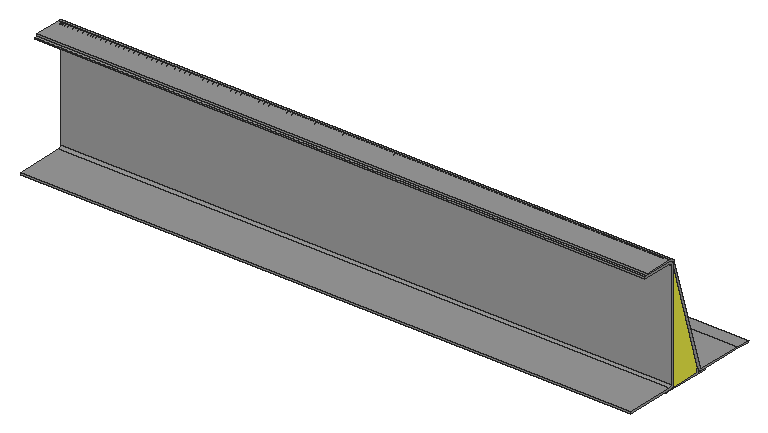
Revit family "CFS K 70 WOL", category Generic Models, Revit 2014
Parameters (values of type "Max lintel length 4800mm")
  URL = "http://www.keystonelintels.co.uk"
  Structural Opening [instance] = 900 mm
  Structural Performance = "The Keystone lintel range has safe working loads as detailed in each applicable loading table in the Keystone Lintel Guide brochure. The structural performance figures within each table have been ascertained by testing in accordance with the requirements of standards BS EN 5977-2: 1983 and BS EN 845-2: 2003."
  RIBA Productor Selector = "available for Keystone Lintels Ltd from Keystone Lintels Ltd from ribaproductselector.com"
  Model = "CFS/K 70 WOL"
  Min Length = 600 mm
  Min Clear Span = 300 mm
  Max Length = 4800 mm
  Max Clear Span = 4800 mm
  Material - Stainless Steel = "Grade 304 2b 1.4307 to BS EN 10088-2. Other grades available on request: contact manufacturer."
  Material - Galvanised Steel = "To BS EN 10346: 2009. DX51D plus Z600 or grade Z275 to BS 5977-2: 1983 (BS EN 845-2: 2003)."
  Manufacturer = "Keystone"
  Manufactured Length [instance] = (roundup(Effective Length / 150 mm) * 150 mm)  # 1200 mm
  Lintel height [instance] = 2100 mm
  Keynote = "F30/755"
  Fire Performance = "Keystone lintels have been subjected to a fire test (WARRES No. 101263) in accordance with BS 476-20: 1987, at Exova Warrington Fire and achieved a one hour fire performance."
  End Bearing = 150 mm
  Effective Length [instance] = Clear Opening with MIN MAX set + End Bearing * 2  # 1200 mm
  Corrosion = "Keystone’s standard range of lintels are manufactured from high quality grade pre-galvanized carbon steel with a zinc coating of 600"
  Contact Tel = "+44 (0)28 8676 2184"
  Contact Email = "info@keystonelintels.co.uk"
  Clear Opening with MIN MAX set [instance] = if(Structural Opening < Min Clear Span, Min Clear Span, (if(Structural Opening > Max Clear Span, Max Clear Span, Structural Opening)))  # 900 mm
  CPD Information = "Available for Keystone Lintels Ltd from ribacpd.com"
Reference planes
  plane 1 "Center (Front/Back)": y = 0
  plane 2: z = 0
  plane 3 "Center (Left/Right)": x = 0
  plane 4: x = -600
  plane 5: x = 600
  plane 6: z = 2100
  plane 7: x = -450
  plane 8: x = 450
Forms (mm)
  Extrusion 1, solid, material "Steel"
    sketch origin (0, 727.066, -496.241) x (0, 1, 0) y (0, 0, 1)
      loop
        line (-598.042, 2596.241) -> (-573.092, 2595.372) -> (-572.981, 2598.57) -> (-597.909, 2599.438) -> (-688.625, 2599.441)
        arc (-688.625, 2599.441) -> (-691.537, 2600.452) -> (-693.196, 2603.049) r 4.7
        line (-693.196, 2603.049) -> (-754.767, 2817.208)
        arc (-754.767, 2817.208) -> (-758.757, 2823.008) -> (-765.434, 2825.241) r 11.1
        line (-765.434, 2825.241) -> (-820.991, 2825.241) -> (-820.991, 2822.041) -> (-765.434, 2822.041)
        arc (-765.434, 2822.041) -> (-760.682, 2820.452) -> (-757.842, 2816.324) r 7.9
        line (-757.842, 2816.324) -> (-696.29, 2602.23)
        arc (-696.29, 2602.23) -> (-693.489, 2597.916) -> (-688.625, 2596.241) r 7.9
        line (-688.625, 2596.241) -> (-598.042, 2596.241)
    from -600 to 600
  Extrusion 2, solid, material "Steel"
    sketch origin (0, 727.066, -496.241) x (0, 1, 0) y (0, 0, 1)
      loop
        line (-860.991, 2596.241) -> (-765.991, 2596.241)
        arc (-765.991, 2596.241) -> (-760.405, 2598.555) -> (-758.091, 2604.141) r 7.9
        line (-758.091, 2604.141) -> (-758.091, 2814.141)
        arc (-758.091, 2814.141) -> (-760.405, 2819.727) -> (-765.991, 2822.041) r 7.9
        line (-765.991, 2822.041) -> (-826.291, 2822.041) -> (-826.291, 2818.841) -> (-766.691, 2818.841)
        arc (-766.691, 2818.841) -> (-762.873, 2817.259) -> (-761.291, 2813.441) r 5.4
        line (-761.291, 2813.441) -> (-761.291, 2604.141)
        arc (-761.291, 2604.141) -> (-762.668, 2600.818) -> (-765.991, 2599.441) r 4.7
        line (-765.991, 2599.441) -> (-860.991, 2599.441) -> (-860.991, 2596.241)
    from -600 to 600
  Extrusion 3, solid, material "Steel"
    sketch origin (0, 727.066, -496.241) x (0, 1, 0) y (0, 0, 1)
      loop
        line (-775.537, 2595.241) -> (-680.537, 2595.241) -> (-680.537, 2596.241) -> (-697.537, 2596.241) -> (-697.537, 2604.241) -> (-698.537, 2604.241) -> (-698.537, 2596.241) -> (-775.537, 2596.241) -> (-775.537, 2595.241)
    from -600 to 600
  Extrusion 4, solid, material "Insulation"
    sketch origin (0, 727.066, -496.241) x (0, 1, 0) y (0, 0, 1)
      loop
        line (-698.537, 2596.241) -> (-698.537, 2604.241) -> (-697.537, 2604.241) -> (-697.537, 2596.241) -> (-688.625, 2596.241)
        arc (-688.625, 2596.241) -> (-693.489, 2597.916) -> (-696.29, 2602.23) r 7.9
        line (-696.29, 2602.23) -> (-757.842, 2816.324)
        arc (-757.842, 2816.324) -> (-760.794, 2820.535) -> (-765.713, 2822.036) r 7.9
        arc (-765.713, 2822.036) -> (-760.308, 2819.628) -> (-758.091, 2814.141) r 7.9
        line (-758.091, 2814.141) -> (-758.091, 2604.141)
        arc (-758.091, 2604.141) -> (-760.405, 2598.555) -> (-765.991, 2596.241) r 7.9
        line (-765.991, 2596.241) -> (-698.537, 2596.241)
    from -600 to 600
  Extrusion 5, solid, not visible
    sketch origin (0, 995.137, 1256.557) x (0, 1, 0) y (0, 0, 1)
      loop
        line (-598.042, 996.241) -> (-573.092, 995.372) -> (-572.981, 998.57) -> (-597.909, 999.438) -> (-688.625, 999.441)
        arc (-688.625, 999.441) -> (-691.537, 1000.452) -> (-693.196, 1003.049) r 4.7
        line (-693.196, 1003.049) -> (-754.767, 1217.208)
        arc (-754.767, 1217.208) -> (-758.757, 1223.008) -> (-765.434, 1225.241) r 11.1
        line (-765.434, 1225.241) -> (-820.991, 1225.241) -> (-820.991, 1222.041) -> (-765.434, 1222.041)
        arc (-765.434, 1222.041) -> (-760.682, 1220.452) -> (-757.842, 1216.324) r 7.9
        line (-757.842, 1216.324) -> (-696.29, 1002.23)
        arc (-696.29, 1002.23) -> (-693.489, 997.916) -> (-688.625, 996.241) r 7.9
        line (-688.625, 996.241) -> (-598.042, 996.241)
    from 0 to 250
  Extrusion 6, solid, not visible
    sketch origin (0, 646.264, 1182.171) x (0, 1, 0) y (0, 0, 1)
      loop
        line (-860.991, 996.241) -> (-765.991, 996.241)
        arc (-765.991, 996.241) -> (-760.405, 998.555) -> (-758.091, 1004.141) r 7.9
        line (-758.091, 1004.141) -> (-758.091, 1214.141)
        arc (-758.091, 1214.141) -> (-760.405, 1219.727) -> (-765.991, 1222.041) r 7.9
        line (-765.991, 1222.041) -> (-826.291, 1222.041) -> (-826.291, 1218.841) -> (-766.691, 1218.841)
        arc (-766.691, 1218.841) -> (-762.873, 1217.259) -> (-761.291, 1213.441) r 5.4
        line (-761.291, 1213.441) -> (-761.291, 1004.141)
        arc (-761.291, 1004.141) -> (-762.668, 1000.818) -> (-765.991, 999.441) r 4.7
        line (-765.991, 999.441) -> (-860.991, 999.441) -> (-860.991, 996.241)
    from 0 to 250
  Extrusion 7, solid, not visible
    sketch origin (0, 908.246, 955.194) x (0, 1, 0) y (0, 0, 1)
      loop
        line (-775.537, 995.241) -> (-680.537, 995.241) -> (-680.537, 996.241) -> (-697.537, 996.241) -> (-697.537, 1004.241) -> (-698.537, 1004.241) -> (-698.537, 996.241) -> (-775.537, 996.241) -> (-775.537, 995.241)
    from 0 to 250
  Extrusion 8, solid, not visible
    sketch origin (0, 595.733, 875.303) x (0, 1, 0) y (0, 0, 1)
      loop
        line (-698.537, 996.241) -> (-698.537, 1004.241) -> (-697.537, 1004.241) -> (-697.537, 996.241) -> (-688.625, 996.241)
        arc (-688.625, 996.241) -> (-693.489, 997.916) -> (-696.29, 1002.23) r 7.9
        line (-696.29, 1002.23) -> (-757.842, 1216.324)
        arc (-757.842, 1216.324) -> (-760.794, 1220.535) -> (-765.713, 1222.036) r 7.9
        arc (-765.713, 1222.036) -> (-760.308, 1219.628) -> (-758.091, 1214.141) r 7.9
        line (-758.091, 1214.141) -> (-758.091, 1004.141)
        arc (-758.091, 1004.141) -> (-760.405, 998.555) -> (-765.991, 996.241) r 7.9
        line (-765.991, 996.241) -> (-698.537, 996.241)
    from 0 to 250
Dimensions and locks
  equal spacing: plane 4, plane 3 "Center (Left/Right)", plane 5
  "Manufactured Length": plane 4 to plane 5
  "Lintel height": plane 6 to level
  "Structural Opening": plane 7 to plane 8
  equal spacing: plane 7, plane 3 "Center (Left/Right)", plane 8
  aligned and locked: level to plane 2
  aligned and locked: Extrusion 1 to plane 6
  aligned and locked: Extrusion 4 to plane 6
  aligned and locked: Extrusion 2 to plane 6
  aligned and locked: plane 6 to Extrusion 3
  aligned and locked: plane 5 to Extrusion 2
  aligned and locked: Extrusion 2 to plane 4
  aligned and locked: plane 5 to Extrusion 1
  aligned and locked: Extrusion 1 to plane 4
  aligned and locked: plane 5 to Extrusion 4
  aligned and locked: Extrusion 4 to plane 4
  aligned and locked: plane 5 to Extrusion 3
  aligned and locked: Extrusion 3 to plane 4
Automatic sketch dimensions
  Extrusion 1 sketch curve to Extrusion 1 sketch curve = 24.95 mm
  Extrusion 1 sketch curve to Extrusion 1 sketch curve = 0.111 mm
  Extrusion 1 sketch curve to Extrusion 1 sketch curve = 0.87 mm
  Extrusion 1 sketch curve to Extrusion 1 sketch curve = 0.133 mm
  Extrusion 1 sketch curve to Extrusion 1 sketch curve = 90.583 mm
  Extrusion 1 sketch curve to Extrusion 1 sketch curve = 0 mm  (x5)
  Extrusion 1 sketch curve to Extrusion 1 sketch curve = 3.2 mm
  Extrusion 1 sketch curve to Extrusion 1 sketch curve = 4.7 mm
  Extrusion 1 sketch curve to Extrusion 1 sketch curve = 7.665 mm
  Extrusion 1 sketch curve to Extrusion 1 sketch curve = 3.094 mm
  Extrusion 1 sketch curve to Extrusion 1 sketch curve = 58.476 mm
  Extrusion 1 sketch curve to Extrusion 1 sketch curve = 214.978 mm
  Extrusion 1 sketch curve to Extrusion 1 sketch curve = 3.075 mm
  Extrusion 1 sketch curve to Extrusion 1 sketch curve = 0.884 mm
  Extrusion 1 sketch curve to Extrusion 1 sketch curve = 7.592 mm
  Extrusion 1 sketch curve to Extrusion 1 sketch curve = 2.183 mm
  Extrusion 1 sketch curve to Extrusion 1 sketch curve = 55.557 mm
  Extrusion 2 sketch curve to Extrusion 2 sketch curve = 95 mm
  Extrusion 2 sketch curve to Extrusion 2 sketch curve = 3.2 mm
  Extrusion 2 sketch curve to Extrusion 2 sketch curve = 0 mm  (x4)
  Extrusion 2 sketch curve to Extrusion 2 sketch curve = 4.7 mm  (x2)
  Extrusion 2 sketch curve to Extrusion 2 sketch curve = 209.3 mm
  Extrusion 2 sketch curve to Extrusion 2 sketch curve = 0.7 mm  (x2)
  Extrusion 2 sketch curve to Extrusion 2 sketch curve = 59.6 mm
  Extrusion 3 sketch curve to Extrusion 3 sketch curve = 1 mm  (x2)
  Extrusion 3 sketch curve to Extrusion 3 sketch curve = 17 mm
  Extrusion 3 sketch curve to Extrusion 3 sketch curve = 0 mm
  Extrusion 3 sketch curve to Extrusion 3 sketch curve = 8 mm
  Extrusion 3 sketch curve to Extrusion 3 sketch curve = 77 mm
  Extrusion 4 sketch curve to Extrusion 4 sketch curve = 8 mm
  Extrusion 4 sketch curve to Extrusion 4 sketch curve = 8.912 mm
  Extrusion 4 sketch curve to Extrusion 4 sketch curve = 9.912 mm
  Extrusion 4 sketch curve to Extrusion 4 sketch curve = 7.9 mm  (x4)
  Extrusion 4 sketch curve to Extrusion 4 sketch curve = 2.247 mm
  Extrusion 4 sketch curve to Extrusion 4 sketch curve = 59.305 mm
  Extrusion 4 sketch curve to Extrusion 4 sketch curve = 212.083 mm
  Extrusion 4 sketch curve to Extrusion 4 sketch curve = 1 mm
  Extrusion 4 sketch curve to Extrusion 4 sketch curve = 0 mm  (x3)
  Extrusion 4 sketch curve to Extrusion 4 sketch curve = 2.183 mm
  Extrusion 4 sketch curve to Extrusion 4 sketch curve = 0.557 mm
  Extrusion 4 sketch curve to Extrusion 4 sketch curve = 0.279 mm
  Extrusion 4 sketch curve to Extrusion 4 sketch curve = 2.011 mm
  Extrusion 5 sketch curve to Extrusion 5 sketch curve = 24.95 mm
  Extrusion 5 sketch curve to Extrusion 5 sketch curve = 0.111 mm
  Extrusion 5 sketch curve to Extrusion 5 sketch curve = 0.87 mm
  Extrusion 5 sketch curve to Extrusion 5 sketch curve = 0.133 mm
  Extrusion 5 sketch curve to Extrusion 5 sketch curve = 90.583 mm
  Extrusion 5 sketch curve to Extrusion 5 sketch curve = 0 mm  (x5)
  Extrusion 5 sketch curve to Extrusion 5 sketch curve = 3.2 mm
  Extrusion 5 sketch curve to Extrusion 5 sketch curve = 4.7 mm
  Extrusion 5 sketch curve to Extrusion 5 sketch curve = 7.665 mm
  Extrusion 5 sketch curve to Extrusion 5 sketch curve = 3.094 mm
  Extrusion 5 sketch curve to Extrusion 5 sketch curve = 58.476 mm
  Extrusion 5 sketch curve to Extrusion 5 sketch curve = 214.978 mm
  Extrusion 5 sketch curve to Extrusion 5 sketch curve = 3.075 mm
  Extrusion 5 sketch curve to Extrusion 5 sketch curve = 0.884 mm
  Extrusion 5 sketch curve to Extrusion 5 sketch curve = 7.592 mm
  Extrusion 5 sketch curve to Extrusion 5 sketch curve = 2.183 mm
  Extrusion 5 sketch curve to Extrusion 5 sketch curve = 55.557 mm
  Extrusion 6 sketch curve to Extrusion 6 sketch curve = 95 mm
  Extrusion 6 sketch curve to Extrusion 6 sketch curve = 3.2 mm
  Extrusion 6 sketch curve to Extrusion 6 sketch curve = 0 mm  (x4)
  Extrusion 6 sketch curve to Extrusion 6 sketch curve = 4.7 mm  (x2)
  Extrusion 6 sketch curve to Extrusion 6 sketch curve = 209.3 mm
  Extrusion 6 sketch curve to Extrusion 6 sketch curve = 0.7 mm  (x2)
  Extrusion 6 sketch curve to Extrusion 6 sketch curve = 59.6 mm
  Extrusion 7 sketch curve to Extrusion 7 sketch curve = 1 mm  (x2)
  Extrusion 7 sketch curve to Extrusion 7 sketch curve = 17 mm
  Extrusion 7 sketch curve to Extrusion 7 sketch curve = 0 mm
  Extrusion 7 sketch curve to Extrusion 7 sketch curve = 8 mm
  Extrusion 7 sketch curve to Extrusion 7 sketch curve = 77 mm
  Extrusion 8 sketch curve to Extrusion 8 sketch curve = 8 mm
  Extrusion 8 sketch curve to Extrusion 8 sketch curve = 8.912 mm
  Extrusion 8 sketch curve to Extrusion 8 sketch curve = 9.912 mm
  Extrusion 8 sketch curve to Extrusion 8 sketch curve = 7.9 mm  (x4)
  Extrusion 8 sketch curve to Extrusion 8 sketch curve = 2.247 mm
  Extrusion 8 sketch curve to Extrusion 8 sketch curve = 59.305 mm
  Extrusion 8 sketch curve to Extrusion 8 sketch curve = 212.083 mm
  Extrusion 8 sketch curve to Extrusion 8 sketch curve = 1 mm
  Extrusion 8 sketch curve to Extrusion 8 sketch curve = 0 mm  (x3)
  Extrusion 8 sketch curve to Extrusion 8 sketch curve = 2.183 mm
  Extrusion 8 sketch curve to Extrusion 8 sketch curve = 0.557 mm
  Extrusion 8 sketch curve to Extrusion 8 sketch curve = 0.279 mm
  Extrusion 8 sketch curve to Extrusion 8 sketch curve = 2.011 mm
  Extrusion 4 sketch curve to plane 6 = 0 mm
  plane 1 "Center (Front/Back)" to Extrusion 4 sketch curve = 38.925 mm
  Extrusion 2 sketch curve to plane 6 = 0 mm
  plane 1 "Center (Front/Back)" to Extrusion 2 sketch curve = 133.925 mm
  Extrusion 3 sketch curve to plane 6 = 0 mm
  plane 1 "Center (Front/Back)" to Extrusion 3 sketch curve = 48.471 mm
  Extrusion 1 sketch curve to plane 6 = 0 mm
  plane 1 "Center (Front/Back)" to Extrusion 1 sketch curve = 93.925 mm
